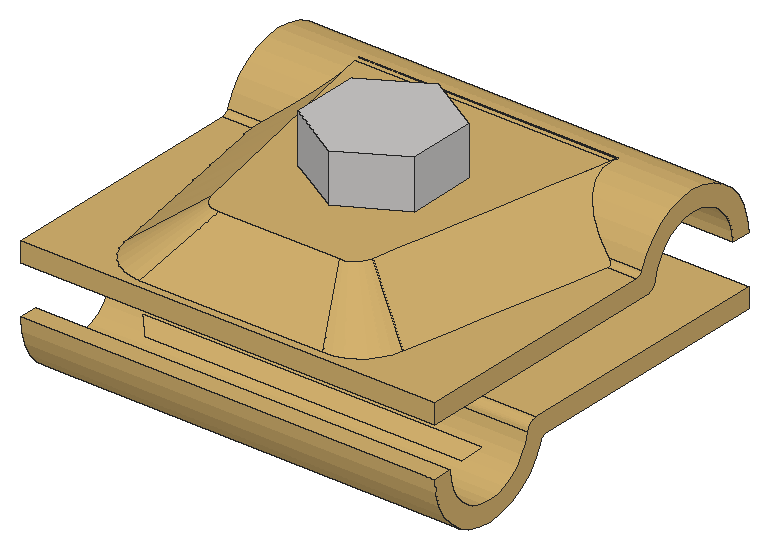
Revit family "DF_ЗажимСоединительный_Пруток-Пруток_8-10_EZETEK", category Соединительные детали воздуховодов, Revit 2017
Family settings
  Размер круглого соединителя = Использовать радиус
  Тип детали = Соединение
  На основе рабочей плоскости = Нет
  Всегда вертикально = Да
  При загрузке вырезать с полостями = Нет
  Общий = Нет
Parameters (values of type "ЗажимСоединительный_Пруток-Пруток_Латунь_91072")
  Графика_УголПоворота [instance] = 0.00°
  Угол [instance] = Графика_УголПоворота + 90.00°  # 90.00°
  Тип = FA_ЗажимСоединительный_Пруток-Пруток_8-10_EZETEK : ЗажимСоединительный_Пруток-Пруток_Латунь_91072
  СфераОшибки [instance] = or(ADSK_Размер_Радиус > 5.0 mm, ADSK_Размер_Радиус < 4.0 mm)  # no
  Смещение_Коннекторы_По горизонтали [instance] = if(Графика_Сместить_ПоГоризонтали, 13.0 mm, 0.0 mm)  # 13.0 mm
  Смещение_Коннекторы_По вертикали [instance] = if(Графика_Сместить_ПоВертикали, 2.5 mm, 0.0 mm)  # 2.5 mm
  Смещение_Коннекторы_Длина [instance] = if(Графика_Сместить_ПоДлине, 50.0 mm, 1.0 mm)  # 50.0 mm
  Предупреждение [instance] = if(СфераОшибки, "Допустимые диаметры стержней: 8, 10", "")  # ""
  Описание = "Зажимы позволяют соединять пруток молниезащитной сетки и токоотводов диаметром 8-10 мм в перпендикулярном направлении, в параллельном направлении, а также под произвольным углом."  # constant formula
  Производитель_Контакты = "ezetek@ezetek.ru"  # constant formula
  built-in parameter 1114242 [instance] = 1 = 0  # (empty or 0)
  Изготовитель = "Ezetek"  # constant formula
  Группа модели = "Зажимы"  # constant formula
  Графика_Сместить_ПоДлине [instance] = yes
  Графика_Сместить_ПоГоризонтали [instance] = yes
  Графика_Сместить_ПоВертикали [instance] = yes
  URL = "https://ezetek.ru/"
  R_Error [instance] = if(СфераОшибки, 200.0 mm, 1.0 mm)  # 1.0 mm
  R [instance] = if(ADSK_Размер_Радиус > 5.0 mm, 5.0 mm, if(ADSK_Размер_Радиус < 4.0 mm, 4.0 mm, R_Error))  # 1.0 mm
  ADSK_Этаж [instance] = ""
  ADSK_Размер_Радиус [instance] = 5.0 mm
  ADSK_Размер_Диаметр [instance] = ADSK_Размер_Радиус * 2  # 10.0 mm
  ADSK_Примечание [instance] = "Неспецифицируемое"  # constant formula
  ADSK_Позиция [instance] = "Неспецифицируемое"  # constant formula
  ADSK_Обозначение = "Неспецифицируемое"  # constant formula
  ADSK_Наименование краткое [instance] = "Неспецифицируемое"  # constant formula
  ADSK_Наименование = "Неспецифицируемое"  # constant formula
  ADSK_Материал = BIMLIB_Латунь_EZETEK
  ADSK_Масса_Текст = "Неспецифицируемое"  # constant formula
  ADSK_Масса = 0  # constant formula
  ADSK_Марка = "Неспецифицируемое"  # constant formula
  ADSK_Количество = 0  # constant formula
  ADSK_Код изделия = "Неспецифицируемое"  # constant formula
  ADSK_Завод-изготовитель = "Неспецифицируемое"  # constant formula
  ADSK_Единица измерения = "Неспецифицируемое"  # constant formula
  ADSK_Группирование [instance] = ""
  ADSK_Версия Revit = "2017"  # constant formula
Types (3, lengths in mm): name | Графика_УголПоворота | Угол | Тип | ADSK_Материал
  ЗажимСоединительный_Пруток-Пруток_Латунь_91072 | 0.00° | 90.00° | FA_ЗажимСоединительный_Пруток-Пруток_8-10_EZETEK : ЗажимСоединительный_Пруток-Пруток_Латунь_91072 | BIMLIB_Латунь_EZETEK
  ЗажимСоединительный_Пруток-Пруток_Медь_91070 | 90.00° | 180.00° | FA_ЗажимСоединительный_Пруток-Пруток_8-10_EZETEK : ЗажимСоединительный_Пруток-Пруток_Медь_91070 | BIMLIB_Медь_EZETEK
  ЗажимСоединительный_Пруток-Пруток_Оцинк_91071 | 90.00° | 180.00° | FA_ЗажимСоединительный_Пруток-Пруток_8-10_EZETEK : ЗажимСоединительный_Пруток-Пруток_Оцинк_91071 | BIMLIB_Сталь_Оцинкованная_EZETEK
Reference planes
  plane 1 "По центру (Вперед/Назад)": y = 0
  plane 2: z = 0
  plane 3 "По центру (Влево/Вправо)": x = 0
  plane 4 "в": z = 2.5
  plane 5 "н": z = -2.5
  plane 6: y = -13
Forms (mm)
  Revolve 1, solid, visible <- "СфераОшибки"
    sketch origin (0, 0, 0) x (1, 0, 0) y (0, 1, 0)
      loop
        arc (1, 0) -> (0, 1) -> (-1, 0) r 1
        line (-1, 0) -> (1, 0)
      axis (1, 0) -> (-1, 0)
    angle from 0 to 360
Lines and regions (mm)
  reference lines
    curve 1: line (48.984, 13, 2.5) -> (-1.016, 13, 2.5)
    curve 2: line (1.016, -13, -2.5) -> (-50, -13, -2.5)
    curve 3: line (-158.221, 2.5, 0) -> (-158.221, -2.5, 0)
Dimensions and locks
  "Смещение_Коннекторы_По вертикали": plane 2 to plane 5 "н"
  "Смещение_Коннекторы_По вертикали": plane 4 "в" to plane 2
  curve 1 to curve 1 = 0.0 mm
  curve 2 to curve 2 = 0.0 mm
  "Смещение_Коннекторы_По горизонтали": plane 6 to plane 1 "По центру (Вперед/Назад)"
  locked: plane 3 "По центру (Влево/Вправо)" to curve 2 at 1.016
  "Смещение_Коннекторы_Длина": curve 2 to plane 3 "По центру (Влево/Вправо)"
  "Смещение_Коннекторы_Длина": curve 1 to curve 1
  "Смещение_Коннекторы_По горизонтали": plane 1 "По центру (Вперед/Назад)" to curve 1
  "R_Error": radius of Revolve 1 sketch curve
  "Угол": angle curve 1 to plane 3 "По центру (Влево/Вправо)"
  aligned and locked: level to plane 2
  aligned and locked: plane 1 "По центру (Вперед/Назад)" to Revolve 1 sketch curve  (x2)
  aligned and locked: curve 1 to plane 4 "в"
  aligned and locked: curve 2 to plane 6
  aligned and locked: nested 1 to plane 1 "По центру (Вперед/Назад)"
  aligned and locked: plane 3 "По центру (Влево/Вправо)" to nested 1
Automatic sketch dimensions
  curve 3 to plane 1 "По центру (Вперед/Назад)" = 2.5 mm
  curve 3 to plane 3 "По центру (Влево/Вправо)" = 158.221 mm
  plane 1 "По центру (Вперед/Назад)" to curve 3 = 2.5 mm
  plane 1 "По центру (Вперед/Назад)" to Revolve 1 sketch curve = 0.0 mm
  Revolve 1 sketch curve to plane 3 "По центру (Влево/Вправо)" = 0.0 mm
  Revolve 1 sketch curve to Revolve 1 sketch curve = 0.294 mm
  Revolve 1 sketch curve to Revolve 1 sketch curve = 5.119 mm
  curve 1 to plane 3 "По центру (Влево/Вправо)" = 1.016 mm
Nested families
  nested 1: "FA_ЗажимСоединительный_Пруток-Пруток_8-10_EZETEK" at (0, 0, 0) x (0, 1, 0) z (0, 0, 1), ADSK_Группирование <- "ADSK_Группирование", ADSK_Этаж <- "ADSK_Этаж", type <- "Тип", type "ЗажимСоединительный_Пруток-Пруток_Латунь_91072", detail levels fine
    with Использовать масштаб аннотаций 0, ADSK_Этаж "", ADSK_Примечание "", ADSK_Позиция "", ADSK_Наименование краткое "Держатель-зажим анкерный", ADSK_Группирование ""
Connectors
  hvac at (48.984, 13, 2.5), driven by "ADSK_Размер_Радиус"
    settings: on curve 1, index 1, duct flow 0.0 L/s, flow factor 0, pres drop 0.0 Pa, loss coef 0, conn angle 0.00°, conn width 304.8 mm, conn height 304.8 mm, conn diameter 10 mm, duct sys type 1, conn prof type 0, flow config 0, flow direction 0, loss method 0, conn ref index 2, conn util no, is conn primary yes, conn desc ""
  hvac at (-50, -13, -2.5), driven by "ADSK_Размер_Радиус"
    settings: on curve 2, index 2, duct flow 0.0 L/s, flow factor 0, pres drop 0.0 Pa, loss coef 0, conn angle 0.00°, conn width 304.8 mm, conn height 304.8 mm, conn diameter 10 mm, duct sys type 1, conn prof type 0, flow config 0, flow direction 0, loss method 0, conn ref index 1, conn util no, is conn primary no, conn desc ""
Definition of nested family "FA_ЗажимСоединительный_Пруток-Пруток_8-10_EZETEK"
  Parameters (values of type "ЗажимСоединительный_Пруток-Пруток_Оцинк_91071")
    Угол = 90.00°  # constant formula
    Производитель_Контакты = "ezetek@ezetek.ru"  # constant formula
    Description = "Зажимы позволяют соединять пруток молниезащитной сетки и токоотводов диаметром 8-10 мм в перпендикулярном направлении, в параллельном направлении, а также под произвольным углом."  # constant formula
    Использовать масштаб аннотаций [instance] = 1 = 0  # 0
    Manufacturer = "Ezetek"  # constant formula
    Model = "Зажимы"  # constant formula
    URL = "https://ezetek.ru/"
    ADSK_Этаж [instance] = ""
    ADSK_Примечание [instance] = ""
    ADSK_Позиция [instance] = ""
    ADSK_Обозначение = "91071"
    ADSK_Наименование краткое [instance] = "Зажим соединительный"
    ADSK_Наименование = "Зажим соединительный круглого проводника 8-10 мм, оцинк"
    ADSK_Материал = none
    ADSK_Масса_Текст = "0.08"  # constant formula
    ADSK_Масса = 0.08  # constant formula
    ADSK_Марка = "91071"
    ADSK_Количество = 1  # constant formula
    ADSK_Код изделия = "91071"
    ADSK_Завод-изготовитель = "Ezetek"  # constant formula
    ADSK_Единица измерения = "шт."  # constant formula
    ADSK_Группирование [instance] = ""
    ADSK_Версия Revit = "2017"  # constant formula
  Types (3, lengths in mm): name | ADSK_Обозначение | ADSK_Наименование | ADSK_Марка | ADSK_Код изделия
    ЗажимСоединительный_Пруток-Пруток_Оцинк_91071 | "91071" | "Зажим соединительный круглого проводника 8-10 мм, оцинк" | "91071" | "91071"
    ЗажимСоединительный_Пруток-Пруток_Латунь_91072 | "91072" | "Зажим соединительный круглого проводника 8-10 мм, латунь" | "91072" | "91072"
    ЗажимСоединительный_Пруток-Пруток_Медь_91070 | "91070" | "Зажим соединительный круглого проводника 8-10 мм, медь" | "91070" | "91070"
  Reference planes
    plane 1 "По центру (Вперед/Назад)": y = 0
    plane 2: z = 0
    plane 3 "По центру (Влево/Вправо)": x = 0
    plane 4: z = 2.5
    plane 5: z = -2.5
    plane 6: y = 21.125
    plane 7: y = -21.125
    plane 8: z = 14.471
    plane 9: z = -42.429
    plane 10: x = -19.875
    plane 11: x = 19.875
  Forms (mm)
    Extrusion 1, solid, detail levels fine
      sketch origin (0, 0, 0) x (1, 0, 0) y (0, 1, 0)
        loop
          circle (0, 0) r 4.8
      from 2.5 to -2.5
    Extrusion 2, solid, detail levels fine
      sketch origin (52, 0, 6.471) x (1, 0, 0) y (0, 1, 0)
        loop
          line (-55.454, 5.982) -> (-58.907, 0) -> (-55.454, -5.982) -> (-48.546, -5.982) -> (-45.093, 0) -> (-48.546, 5.982) -> (-55.454, 5.982)
      from 3 to 8
    Blend 3, solid, material <- "ADSK_Материал", detail levels fine
      base sketch origin (-0.018, 0, 2.958) x (0, -1, 0) y (1, 0, 0)
        loop
          line (-18.498, 7.607) -> (-14.538, -14.85)
          arc (-14.538, -14.85) -> (-12.828, -17.812) -> (-9.614, -18.982) r 5
          line (-9.614, -18.982) -> (8.989, -18.982)
          arc (8.989, -18.982) -> (12.203, -17.812) -> (13.913, -14.85) r 5
          line (13.913, -14.85) -> (18.498, 7.607) -> (-18.498, 7.607)
      top sketch origin (-0.018, 0, 2.958) x (0, -1, 0) y (1, 0, 0)
        loop
          line (-13.207, 13.458) -> (-8.166, -11.582)
          arc (-8.166, -11.582) -> (-7.488, -12.757) -> (-6.214, -13.221) r 1.983
          line (-6.214, -13.221) -> (6.185, -13.221)
          arc (6.185, -13.221) -> (7.482, -12.749) -> (8.171, -11.554) r 2.017
          line (8.171, -11.554) -> (13.207, 13.458) -> (-13.207, 13.458)
      from 1.542 to 6.514
    Blend 4, solid, material <- "ADSK_Материал", detail levels fine
      base sketch origin (0.032, -0.06, -2.958) x (-1, 0, 0) y (0, -1, 0)
        loop
          line (7.777, 18.466) -> (-14.837, 13.853)
          arc (-14.837, 13.853) -> (-17.799, 12.143) -> (-18.969, 8.929) r 5
          line (-18.969, 8.929) -> (-18.969, -9.674)
          arc (-18.969, -9.674) -> (-17.799, -12.887) -> (-14.837, -14.598) r 5
          line (-14.837, -14.598) -> (7.777, -18.585) -> (7.777, 18.466)
      top sketch origin (0.032, -0.06, -2.958) x (-1, 0, 0) y (0, -1, 0)
        loop
          line (-11.673, -8.053) -> (13.339, -13.088) -> (13.339, 13.325) -> (-11.701, 8.285)
          arc (-11.701, 8.285) -> (-12.875, 7.607) -> (-13.339, 6.332) r 1.983
          line (-13.339, 6.332) -> (-13.339, -6.067)
          arc (-13.339, -6.067) -> (-12.867, -7.363) -> (-11.673, -8.053) r 2.017
      from -1.542 to -6.516
    Extrusion 5, solid, material <- "ADSK_Материал", detail levels fine
      sketch origin (0, 0, 0) x (1, 0, 0) y (0, 0, 1)
        loop
          arc (7.2, 2.5) -> (7.874, 2.746) -> (8.233, 3.367) r 1.049
          arc (8.233, 3.367) -> (13.593, 7.481) -> (18.157, 2.5) r 5
          line (18.157, 2.5) -> (20.157, 2.5)
          arc (20.157, 2.5) -> (14.394, 9.39) -> (6.594, 4.934) r 7
          arc (6.594, 4.934) -> (6.35, 4.619) -> (5.97, 4.5) r 0.665
          line (5.97, 4.5) -> (-19.875, 4.5) -> (-19.875, 2.5) -> (7.2, 2.5)
        loop
          arc (-6.917, -2.5) -> (-7.592, -2.746) -> (-7.951, -3.367) r 1.049
          arc (-7.951, -3.367) -> (-13.31, -7.481) -> (-17.875, -2.5) r 5
          line (-17.875, -2.5) -> (-19.875, -2.5)
          arc (-19.875, -2.5) -> (-14.111, -9.39) -> (-6.312, -4.934) r 7
          arc (-6.312, -4.934) -> (-6.068, -4.619) -> (-5.688, -4.5) r 0.665
          line (-5.688, -4.5) -> (20.157, -4.5) -> (20.157, -2.5) -> (-6.917, -2.5)
      from 21.125 to -21.125
    Extrusion 6, solid, detail levels fine
      sketch origin (52, 0, -17.474) x (0, -1, 0) y (1, 0, 0)
        loop
          line (-5.982, -55.454) -> (0, -58.907) -> (5.982, -55.454) -> (5.982, -48.546) -> (0, -45.093) -> (-5.982, -48.546) -> (-5.982, -55.454)
      from 3 to 8
  Dimensions and locks
    locked: Extrusion 5 sketch curve to Extrusion 5 sketch curve at 2  (x2)
    Extrusion 5 to Extrusion 5 = 40.032 mm
    equal spacing: plane 4, plane 2, plane 5
    locked: plane 4 to plane 5 at 5
    equal spacing: plane 6, plane 1 "По центру (Вперед/Назад)", plane 7  (x2)
    plane 7 to plane 6 = 42.25 mm
    plane 7 to plane 1 "По центру (Вперед/Назад)" = 21.125 mm
    locked: plane 8 to plane 9 at 56.9
    Extrusion 5 to Extrusion 5 = 2.0 mm
    Extrusion 5 sketch curve to Extrusion 5 sketch curve = 40.032 mm
    equal spacing: plane 11, plane 3 "По центру (Влево/Вправо)", plane 10
    plane 11 to plane 10 = 39.75 mm
    aligned and locked: level to plane 2
    aligned and locked: plane 6 to Extrusion 5
    aligned and locked: plane 7 to Extrusion 5
  Automatic sketch dimensions
    plane 1 "По центру (Вперед/Назад)" to Extrusion 1 sketch curve = 0.0 mm
    Extrusion 1 sketch curve to plane 3 "По центру (Влево/Вправо)" = 0.0 mm
    plane 1 "По центру (Вперед/Назад)" to Extrusion 2 sketch curve = 0.0 mm  (x2)
    Extrusion 2 sketch curve to plane 3 "По центру (Влево/Вправо)" = 6.907 mm
    Extrusion 2 sketch curve to plane 3 "По центру (Влево/Вправо)" = 3.454 mm  (x2)
    plane 3 "По центру (Влево/Вправо)" to Extrusion 2 sketch curve = 3.454 mm  (x2)
    Extrusion 2 sketch curve to Extrusion 2 sketch curve = 3.454 mm
    plane 1 "По центру (Вперед/Назад)" to Extrusion 2 sketch curve = 5.982 mm
    Extrusion 2 sketch curve to plane 1 "По центру (Вперед/Назад)" = 5.982 mm
    Blend 3 sketch curve to plane 6 = 2.627 mm
    Blend 3 sketch curve to plane 6 = 6.587 mm
    Blend 3 sketch curve to Blend 3 sketch curve = 4.924 mm  (x2)
    plane 1 "По центру (Вперед/Назад)" to Blend 3 sketch curve = 8.989 mm
    Blend 3 sketch curve to plane 7 = 2.627 mm
    plane 3 "По центру (Влево/Вправо)" to Blend 3 sketch curve = 7.59 mm
    Blend 3 sketch curve to plane 6 = 7.918 mm
    Blend 3 sketch curve to plane 1 "По центру (Вперед/Назад)" = 8.166 mm
    Blend 3 sketch curve to Blend 3 sketch curve = 1.953 mm
    plane 1 "По центру (Вперед/Назад)" to Blend 3 sketch curve = 6.185 mm
    Blend 3 sketch curve to Blend 3 sketch curve = 1.986 mm
    Blend 3 sketch curve to plane 7 = 7.918 mm
    Blend 3 sketch curve to Blend 3 sketch curve = 1.639 mm
    Blend 3 sketch curve to Blend 3 sketch curve = 1.667 mm
    Blend 4 sketch curve to Blend 4 sketch curve = 0.868 mm  (x2)
    Blend 4 sketch curve to plane 6 = 2.6 mm
    Blend 4 sketch curve to plane 3 "По центру (Влево/Вправо)" = 7.745 mm
    Blend 4 sketch curve to plane 6 = 6.587 mm
    plane 1 "По центру (Вперед/Назад)" to Blend 4 sketch curve = 8.989 mm
    Blend 4 sketch curve to plane 7 = 2.6 mm
    Blend 4 sketch curve to Blend 4 sketch curve = 1.639 mm
    Blend 4 sketch curve to Blend 4 sketch curve = 1.667 mm
    Blend 4 sketch curve to Blend 4 sketch curve = 0.344 mm
    Blend 4 sketch curve to Blend 4 sketch curve = 2.017 mm
    Blend 4 sketch curve to plane 6 = 8.097 mm
    Blend 4 sketch curve to plane 1 "По центру (Вперед/Назад)" = 7.993 mm
    plane 1 "По центру (Вперед/Назад)" to Blend 4 sketch curve = 6.392 mm
    Blend 4 sketch curve to plane 7 = 7.74 mm
    plane 1 "По центру (Вперед/Назад)" to Extrusion 6 sketch curve = 0.0 mm  (x2)
    Extrusion 6 sketch curve to plane 1 "По центру (Вперед/Назад)" = 5.982 mm
    plane 1 "По центру (Вперед/Назад)" to Extrusion 6 sketch curve = 5.982 mm
    Extrusion 6 sketch curve to plane 3 "По центру (Влево/Вправо)" = 6.907 mm
    Extrusion 6 sketch curve to plane 3 "По центру (Влево/Вправо)" = 3.454 mm  (x2)
    plane 3 "По центру (Влево/Вправо)" to Extrusion 6 sketch curve = 3.454 mm  (x2)
    Extrusion 6 sketch curve to Extrusion 6 sketch curve = 3.454 mm
    Extrusion 5 sketch curve to Extrusion 5 sketch curve = 0.0 mm  (x4)
    Extrusion 5 sketch curve to plane 5 = 0.0 mm  (x2)
    Extrusion 5 sketch curve to plane 4 = 0.0 mm  (x2)
    Extrusion 5 sketch curve to Extrusion 5 sketch curve = 5.0 mm
    Extrusion 5 sketch curve to plane 5 = 1.049 mm
    Extrusion 5 sketch curve to Extrusion 5 sketch curve = 5.958 mm  (x2)
    Extrusion 5 sketch curve to Extrusion 5 sketch curve = 1.229 mm  (x2)
    plane 3 "По центру (Влево/Вправо)" to Extrusion 5 sketch curve = 5.97 mm
    Extrusion 5 sketch curve to Extrusion 5 sketch curve = 2.0 mm  (x3)
    Extrusion 5 sketch curve to Extrusion 5 sketch curve = 0.665 mm  (x2)
    Extrusion 5 sketch curve to plane 4 = 1.049 mm
    plane 3 "По центру (Влево/Вправо)" to Blend 3 sketch curve = 13.44 mm
    plane 3 "По центру (Влево/Вправо)" to Blend 4 sketch curve = 14.0 mm  (x2)
    Blend 4 sketch curve to Blend 4 sketch curve = 5.0 mm
    plane 3 "По центру (Влево/Вправо)" to Blend 4 sketch curve = 11.354 mm
    Blend 3 sketch curve to plane 3 "По центру (Влево/Вправо)" = 14.0 mm  (x2)
    Blend 3 sketch curve to Blend 3 sketch curve = 0.868 mm
    Blend 3 sketch curve to plane 3 "По центру (Влево/Вправо)" = 11.222 mm
    Blend 4 sketch curve to plane 3 "По центру (Влево/Вправо)" = 13.307 mm
    Extrusion 5 sketch curve to plane 3 "По центру (Влево/Вправо)" = 5.688 mm
    radius of Extrusion 1 sketch curve = 4.8 mm
